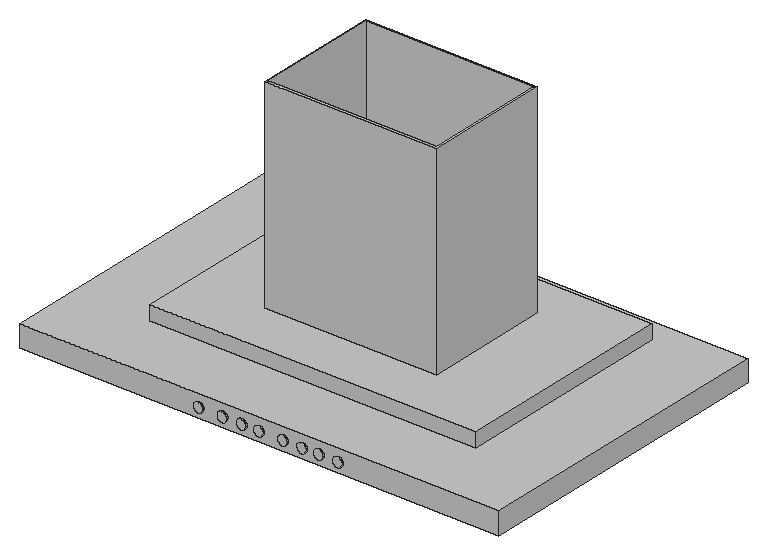
Revit family "AI230700", category Generic Models, Revit 2014
Parameters (values of type "AI230700")
  Width = 1000 mm
  URL = "http://www.gaggenau.com."
  Model = "AI230700"
  Manufacturer = "Gaggenau"
  Height = 499 mm
  Unit = Metal Panel
  Description = "Gaggenau 40\" Island hood, double box design, standard duct cover included"
  Depth = 650 mm
Reference planes
  plane 1 "Center (Front/Back)": y = 0
  plane 2: z = 0
  plane 3 "Center (Left/Right)": x = 0
  plane 4: x = -500
  plane 5: x = 500
  plane 6: y = 325
  plane 7: y = -325
  plane 8: z = 499
  plane 9: y = 275
  plane 10: y = -185
  plane 11: z = 46
  plane 12: z = 76
  plane 13: x = -187.162
  plane 14: x = 170.838
  plane 15: y = 186.534
  plane 16: y = -76.466
Forms (mm)
  Extrusion 1, solid, material "Metal Panel" <- "Unit"
    sketch origin (0, 0, 0) x (1, 0, 0) y (0, 1, 0)
      loop
        line (-500, 325) -> (-500, -325) -> (500, -325) -> (500, 325) -> (-500, 325)
    from 0 to 46
  Extrusion 2, solid, material "Metal Panel" <- "Unit"
    sketch origin (0, 0, 0) x (1, 0, 0) y (0, 1, 0)
      loop
        line (-340, 275) -> (-340, -185) -> (340, -185) -> (340, 275) -> (-340, 275)
    from 46 to 76
  Extrusion 3, solid, material "Metal Panel" <- "Unit"
    sketch origin (0, 0, 0) x (1, 0, 0) y (0, 1, 0)
      loop
        line (-187.162, 186.534) -> (-187.162, -76.466) -> (170.838, -76.466) -> (170.838, 186.534) -> (-187.162, 186.534)
      loop
        line (-184.06, 183.104) -> (-184.06, -71.896) -> (167.226, -71.896) -> (167.226, 183.104) -> (-184.06, 183.104)
    from 76 to 499
  Extrusion 4, solid, material "Metal Panel" <- "Unit"
    sketch origin (0, 0, 0) x (1, 0, 0) y (0, 0, 1)
      loop
        circle (-126.135, 20.864) r 10
      loop
        circle (-76.135, 20.864) r 10
      loop
        circle (-36.135, 20.864) r 10
      loop
        circle (0, 20.864) r 10
      loop
        circle (50, 20.864) r 10
      loop
        circle (90, 20.864) r 10
      loop
        circle (125, 20.864) r 10
      loop
        circle (165, 20.864) r 10
    from 326.733 to 325
  Extrusion 5, void
    sketch origin (0, 0, 0) x (1, 0, 0) y (0, 1, 0)
      loop
        line (-400, 225) -> (-400, -225) -> (400, -225) -> (400, 225) -> (-400, 225)
    from 0 to 25.433
  Extrusion 6, solid, material "Metal Panel" <- "Unit"
    sketch origin (0, 0, 0) x (1, 0, 0) y (0, 1, 0)
      loop
        line (-385.369, -204.812) -> (-145.369, -204.812) -> (-145.369, 195.188) -> (-385.369, 195.188) -> (-385.369, -204.812)
      loop
        line (-125.369, -204.812) -> (124.631, -204.812) -> (124.631, 195.188) -> (-125.369, 195.188) -> (-125.369, -204.812)
      loop
        line (144.631, -204.812) -> (379.631, -204.812) -> (379.631, 195.188) -> (144.631, 195.188) -> (144.631, -204.812)
    from 0 to 12.875
Cuts and joins
  Extrusion 5 cuts Extrusion 1
  Extrusion 5 cuts Extrusion 2
  Extrusion 5 cuts Extrusion 3
Dimensions and locks
  equal spacing: plane 4, plane 3 "Center (Left/Right)", plane 5
  equal spacing: plane 6, plane 1 "Center (Front/Back)", plane 7
  "Width": plane 4 to plane 5
  "Depth": plane 6 to plane 7
  "Height": plane 8 to plane 2
  plane 6 to plane 9 = 50 mm
  plane 9 to plane 10 = 460 mm
  locked: plane 13 to plane 14 at 358
  locked: plane 15 to plane 16 at 263
  aligned and locked: level to plane 2
Automatic sketch dimensions
  Extrusion 1 sketch curve to plane 4 = 0 mm
  Extrusion 1 sketch curve to plane 5 = 0 mm
  plane 7 to Extrusion 1 sketch curve = 0 mm
  Extrusion 1 sketch curve to plane 6 = 0 mm
  Extrusion 2 sketch curve to plane 10 = 0 mm
  Extrusion 2 sketch curve to plane 9 = 0 mm
  plane 4 to Extrusion 2 sketch curve = 160 mm
  plane 5 to Extrusion 2 sketch curve = 160 mm
  Extrusion 3 sketch curve to plane 13 = 0 mm
  Extrusion 3 sketch curve to plane 14 = 0 mm
  Extrusion 3 sketch curve to plane 16 = 0 mm
  Extrusion 3 sketch curve to plane 15 = 0 mm
  plane 13 to Extrusion 3 sketch curve = 3.102 mm
  Extrusion 3 sketch curve to plane 14 = 3.613 mm
  plane 16 to Extrusion 3 sketch curve = 4.57 mm
  Extrusion 3 sketch curve to plane 15 = 3.43 mm
  Extrusion 4 sketch curve to plane 3 "Center (Left/Right)" = 0 mm
  Extrusion 4 sketch curve to plane 3 "Center (Left/Right)" = 36.135 mm
  Extrusion 4 sketch curve to Extrusion 4 sketch curve = 40 mm  (x2)
  level to Extrusion 4 sketch curve = 20.864 mm  (x8)
  Extrusion 4 sketch curve to Extrusion 4 sketch curve = 50 mm  (x2)
  Extrusion 4 sketch curve to Extrusion 4 sketch curve = 35 mm
  Extrusion 4 sketch curve to plane 14 = 5.838 mm
  Extrusion 5 sketch curve to plane 10 = 40 mm
  plane 4 to Extrusion 5 sketch curve = 100 mm
  plane 5 to Extrusion 5 sketch curve = 100 mm
  plane 15 to Extrusion 5 sketch curve = 38.466 mm
  plane 15 to Extrusion 6 sketch curve = 8.654 mm  (x3)
  plane 4 to Extrusion 6 sketch curve = 114.631 mm
  plane 13 to Extrusion 6 sketch curve = 41.793 mm
  Extrusion 6 sketch curve to Extrusion 6 sketch curve = 20 mm  (x2)
  Extrusion 6 sketch curve to plane 14 = 46.207 mm
  plane 5 to Extrusion 6 sketch curve = 120.369 mm
  Extrusion 6 sketch curve to plane 10 = 19.812 mm  (x3)
  radius of Extrusion 4 sketch curve = 10 mm  (x8)
